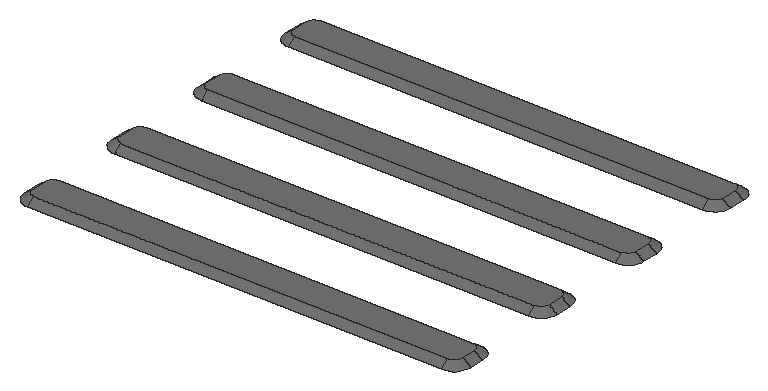
Revit family "Taktila - Start - Stopp - NCS8000", category Generic Models, Revit 2023
Family settings
  Can host rebar = No
  Round Connector Dimension = Use Diameter
  Part Type = Normal
  Work Plane-Based = No
  Always vertical = Yes
  Cut with Voids When Loaded = No
  Maintain Annotation Orientation = No
  Shared = No
  Room Calculation Point = No
Parameters
  Sklisikkerthet [instance] = "R10 (Ihht. DIN 51130-2104)"
  Mål [instance] = "280mmx234.9mm (L: 280mm / B: 30mm / H: 3,6mm - Ø: 30mm / H: 3,6mm)"
  Materiale [instance] = "Resirkulert nylon plast. PA 15%gf"
  Innfesting [instance] = "3M™ VHB™ tape"
  Farge [instance] = "NCS 8000-N - Antrasitt Grå"
  EDP [instance] = "Miljødeklarasjon"
  Default Elevation = 0.0 mm
Reference planes
  plane 1 "Center (Front/Back)": y = 0
  plane 2: z = 0
  plane 3 "Center (Left/Right)": x = 0
Dimensions and locks
  plane 1 "Center (Front/Back)" to nested 4 = 234.9 mm
  aligned and locked: level to plane 2
Nested families
  nested 1: "Taktila - Objekt 2 - (Lang 280mm)" at (140, -15, 0), type "Taktila - Objekt 2 - (Lang 280mm)"
  nested 2: "Taktila - Objekt 2 - (Lang 280mm)" at (140, -83.3, 0), type "Taktila - Objekt 2 - (Lang 280mm)"
  nested 3: "Taktila - Objekt 2 - (Lang 280mm)" at (140, -151.6, 0), type "Taktila - Objekt 2 - (Lang 280mm)"
  nested 4: "Taktila - Objekt 2 - (Lang 280mm)" at (140, -219.9, 0), type "Taktila - Objekt 2 - (Lang 280mm)"
Definition of nested family "Taktila - Objekt 2 - (Lang 280mm)"
  Parameters (values of type "Taktila - Objekt 2 - (Lang 280mm)")
    Sklisikkerhet [instance] = "R10 (Ihht. DIN 51130-2104)"
    Materiale [instance] = "Resirkulert nylon plast. PA 15%gf"
    Mål [instance] = "L: 280mm / B: 30mm / H: 3,6mm - Ø: 30mm / H: 3,6mm"
    Material [instance] = none
    Innfesting [instance] = "3M™ VHB™ tape"
    Farge [instance] = "NCS 8000-N - Antrasitt Grå"
    EDP [instance] = "Miljødeklarasjon"
    Default Elevation = 0.0 mm
  Reference planes
    plane 1 "Center (Front/Back)": y = 0
    plane 2: z = 0
    plane 3 "Center (Left/Right)": x = 0
  Forms (mm)
    Blend 1, solid
      base sketch origin (0, 0, 0) x (1, 0, 0) y (0, 1, 0)
        loop
          arc (-130, 15) -> (-137.071, 12.071) -> (-140, 5) r 10
          line (-140, 5) -> (-140, -5)
          arc (-140, -5) -> (-137.071, -12.071) -> (-130, -15) r 10
          line (-130, -15) -> (130, -15)
          arc (130, -15) -> (137.071, -12.071) -> (140, -5) r 10
          line (140, -5) -> (140, 5)
          arc (140, 5) -> (137.071, 12.071) -> (130, 15) r 10
          line (130, 15) -> (-130, 15)
      top sketch origin (0, 0, 0) x (1, 0, 0) y (0, 1, 0)
        loop
          arc (-130, 10) -> (-133.536, 8.536) -> (-135, 5) r 5
          line (-135, 5) -> (-135, -5)
          arc (-135, -5) -> (-133.536, -8.536) -> (-130, -10) r 5
          line (-130, -10) -> (130, -10)
          arc (130, -10) -> (133.536, -8.536) -> (135, -5) r 5
          line (135, -5) -> (135, 5)
          arc (135, 5) -> (133.536, 8.536) -> (130, 10) r 5
          line (130, 10) -> (-130, 10)
      from 0 to 3.6
  Dimensions and locks
    aligned and locked: level to plane 2
